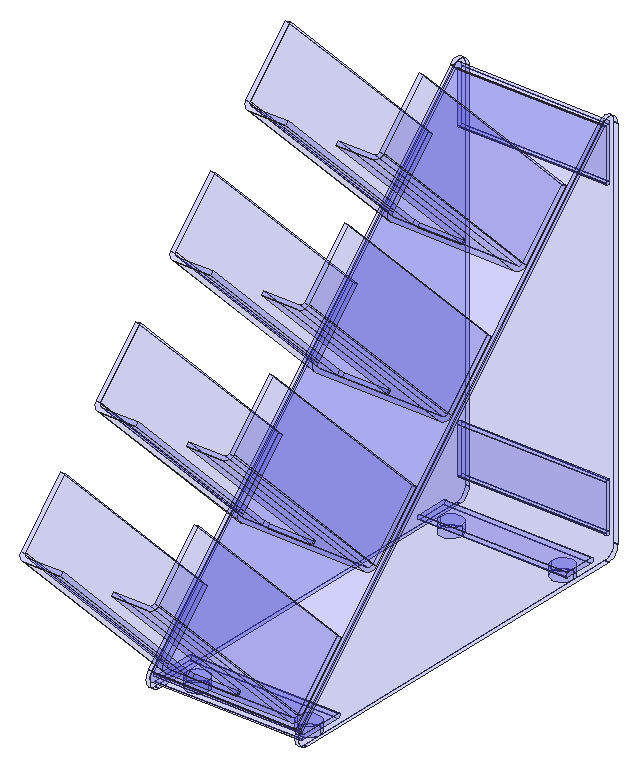
Revit family "QF_Vollrath_CTCL-4B", category Specialty Equipment, Revit 2016
Family settings
  Part Type = Normal
  Round Connector Dimension = Use Diameter
  OmniClass Number = 23.40.40.14.24
  OmniClass Title = Food Dispensing Equipment
  Work Plane-Based = Yes
  Always vertical = Yes
  Cut with Voids When Loaded = No
  Shared = No
  Room Calculation Point = No
Parameters
  Weight in Pounds = 0
  Watermarked By = ""
  URL Cutsheet = ""
  URL = "www.vollrath.com"
  Specification by User [instance] = ""
  Specification by Manufacturer [instance] = ""
  Serial Number [instance] = ""
  Revision Code [instance] = ""
  NAFEM Spec ID Number [instance] = ""
  Model = "CTCL-4B"
  Material = QF_Glass-Cast-Clear
  Masterspec [instance] = ""
  Manufacturer = "Vollrath"
  Item Number [instance] = "-"
  Installed By [instance] = ""
  Furnished By [instance] = ""
  Foodservice Equipment Identifier = yes
  Description = "Lid Organizer"
  Default Elevation = 48.000"
  CSI MasterFormat = ""
Reference planes (in)
  plane 1 "BACK": y = 0
  plane 2 "BOTTOM": z = 0
  plane 3 "LEFT": x = -16.56573
  plane 4 "RIGHT": x = -10.50573
  plane 5 "FRONT": y = -16.4402
  plane 6 "TOP": z = 16.6527
  plane 7 "Triangle Bottom": z = 0.2125
  plane 8: z = 0.4
  plane 9: x = -16.39573
  plane 10: z = 0.275
  plane 11: z = 0.5875
  plane 12: z = 1.04309
  plane 13: z = 3.04309
  plane 14: y = -0.1875
  plane 15: through (-240, -2.09337, 9.45151) normal (0, 0.8192, -0.5736)
  plane 16: y = -0.375
  plane 17: through (-240, 2.69569, 19.08322) normal (0, -0.7071, 0.7071)
  plane 18: through (-240, 2.49486, 18.61723) normal (0, -0.7071, 0.7071)
  plane 19: y = -1.68479
  plane 20: y = -14.24655
  plane 21: y = -2.27854
  plane 22: y = -1.09104
  plane 23: y = -13.6528
  plane 24: z = 15.6527
  plane 25: z = 13.3089
Forms (in)
  Extrusion 1, solid, material "QF_Glass-Cast-Clear" <- "Material"
    sketch origin (0.53647, -3.61051, 0) x (1, 0, 0) y (0, 1, 0)
      loop
        circle (-16.29667, -10.65787) r 0.44
      loop
        circle (-16.28904, 1.9024) r 0.44
      loop
        circle (-11.87587, -10.65828) r 0.44
      loop
        circle (-11.8672, 1.90184) r 0.44
    from 0 to 0.4
  Extrusion 2, solid, material "QF_Glass-Cast-Clear"
    sketch origin (-16.56573, 0, 0) x (0, 1, 0) y (0, 0, 1)
      loop
        arc (0, 15.59648) -> (-0.27008, 16.00068) -> (-0.74686, 15.90584) r 0.4375
        line (-0.74686, 15.90584) -> (-15.69334, 0.95936)
        arc (-15.69334, 0.95936) -> (-15.78818, 0.48258) -> (-15.38398, 0.2125) r 0.4375
        line (-15.38398, 0.2125) -> (-0.4375, 0.2125)
        arc (-0.4375, 0.2125) -> (-0.12814, 0.34064) -> (0, 0.65) r 0.4375
        line (0, 0.65) -> (0, 15.59648)
    from 0 to 0.17
  Extrusion 3, solid, material "QF_Glass-Cast-Clear"
    sketch origin (-16.56573, 0, 0) x (0, 1, 0) y (0, 0, 1)
      loop
        arc (0, 15.59648) -> (-0.27008, 16.00068) -> (-0.74686, 15.90584) r 0.4375
        line (-0.74686, 15.90584) -> (-15.69334, 0.95936)
        arc (-15.69334, 0.95936) -> (-15.78818, 0.48258) -> (-15.38398, 0.2125) r 0.4375
        line (-15.38398, 0.2125) -> (-0.4375, 0.2125)
        arc (-0.4375, 0.2125) -> (-0.12814, 0.34064) -> (0, 0.65) r 0.4375
        line (0, 0.65) -> (0, 15.59648)
    from 0 to 0.17
  Extrusion 4, solid, material "QF_Glass-Cast-Clear"
    sketch origin (-10.67573, 0, 0) x (0, 1, 0) y (0, 0, 1)
      loop
        arc (0, 15.59648) -> (-0.27008, 16.00068) -> (-0.74686, 15.90584) r 0.4375
        line (-0.74686, 15.90584) -> (-15.69334, 0.95936)
        arc (-15.69334, 0.95936) -> (-15.78818, 0.48258) -> (-15.38398, 0.2125) r 0.4375
        line (-15.38398, 0.2125) -> (-0.4375, 0.2125)
        arc (-0.4375, 0.2125) -> (-0.12814, 0.34064) -> (0, 0.65) r 0.4375
        line (0, 0.65) -> (0, 15.59648)
    from 0 to 0.17
  Extrusion 5, solid, material "QF_Glass-Cast-Clear"
    sketch origin (-16.56573, 0, 0) x (0, 1, 0) y (0, 0, 1)
      loop
        line (-0.375, 2.95028) -> (-0.375, 1.12653)
        arc (-0.375, 1.12653) -> (-0.28125, 1.03278) -> (-0.1875, 1.12653) r 0.09375
        line (-0.1875, 1.12653) -> (-0.1875, 2.95028)
        arc (-0.1875, 2.95028) -> (-0.28125, 3.04403) -> (-0.375, 2.95028) r 0.09375
      loop
        line (-1.09104, 0.5875) -> (-2.27854, 0.5875)
        arc (-2.27854, 0.5875) -> (-2.37229, 0.49375) -> (-2.27854, 0.4) r 0.09375
        line (-2.27854, 0.4) -> (-1.09104, 0.4)
        arc (-1.09104, 0.4) -> (-0.99729, 0.49375) -> (-1.09104, 0.5875) r 0.09375
    from 0 to 5.89
  Extrusion 6, solid, material "QF_Glass-Cast-Clear"
    sketch origin (-16.56573, 0, 0) x (0, 1, 0) y (0, 0, 1)
      loop
        line (-0.1875, 13.56615) -> (-0.1875, 15.59648)
        arc (-0.1875, 15.59648) -> (-0.34183, 15.82745) -> (-0.61428, 15.77326) r 0.25
        line (-0.61428, 15.77326) -> (-15.56076, 0.82678)
        arc (-15.56076, 0.82678) -> (-15.61495, 0.55433) -> (-15.38398, 0.4) r 0.25
        line (-15.38398, 0.4) -> (-13.6528, 0.4)
        arc (-13.6528, 0.4) -> (-13.55905, 0.49375) -> (-13.6528, 0.5875) r 0.09375
        line (-13.6528, 0.5875) -> (-15.38398, 0.5875)
        arc (-15.38398, 0.5875) -> (-15.44172, 0.62608) -> (-15.42818, 0.69419) r 0.0625
        line (-15.42818, 0.69419) -> (-0.48169, 15.64068)
        arc (-0.48169, 15.64068) -> (-0.41358, 15.65422) -> (-0.375, 15.59648) r 0.0625
        line (-0.375, 15.59648) -> (-0.375, 13.56615)
        arc (-0.375, 13.56615) -> (-0.28125, 13.4724) -> (-0.1875, 13.56615) r 0.09375
    from 0 to 5.89
Lines and regions (in)
  symbolic lines
    curve 1: line (-16.39573, -0.21875, 16.6527) -> (-10.64573, -0.21875, 16.6527)
    curve 2: line (-16.39573, -0.37343, 16.6527) -> (-10.67573, -0.37343, 16.6527)
    curve 3: line (-16.56573, 0, 16.6527) -> (-16.39573, 0, 16.6527)
    curve 4: line (-16.56573, -15.82148, 16.6527) -> (-16.56573, 0, 16.6527)
    curve 5: line (-16.39573, -15.82148, 16.6527) -> (-16.56573, -15.82148, 16.6527)
    curve 6: line (-16.39573, 0, 16.6527) -> (-16.39573, -15.82148, 16.6527)
    curve 7: line (-10.67573, 0, 16.6527) -> (-10.50573, 0, 16.6527)
    curve 8: line (-10.67573, -15.82148, 16.6527) -> (-10.67573, 0, 16.6527)
    curve 9: line (-10.50573, -15.82148, 16.6527) -> (-10.67573, -15.82148, 16.6527)
    curve 10: line (-10.50573, 0, 16.6527) -> (-10.50573, -15.82148, 16.6527)
Dimensions and locks (in)
  locked: plane 3 "LEFT" to plane 4 "RIGHT" at 6.06
  plane 5 "FRONT" to plane 1 "BACK" = 16.4402"
  Extrusion 1 to level = 0.400"
  locked: plane 7 "Triangle Bottom" to level at 0.2125
  locked: plane 8 to plane 7 "Triangle Bottom" at 0.1875
  locked: plane 3 "LEFT" to plane 9 at 0.17
  plane 6 "TOP" to plane 7 "Triangle Bottom" = 16.4402"
  plane 10 to level = 0.275"
  plane 11 to plane 8 = 0.1875"
  locked: plane 1 "BACK" to plane 14 at 0.1875
  locked: plane 14 to plane 16 at 0.1875
  locked: Extrusion 3 to plane 17 at 0.1875
  locked: plane 17 to plane 18 at 0.1875
  plane 24 to plane 25 = 2.3438"
  aligned and locked: level to plane 2 "BOTTOM"
  aligned and locked: plane 8 to Extrusion 1
  aligned and locked: plane 9 to Extrusion 2
  aligned and locked: Extrusion 6 to Extrusion 4
  aligned and locked: Extrusion 5 to Extrusion 4
  aligned and locked: curve 3 to Extrusion 2
  aligned and locked: curve 4 to Extrusion 2
  aligned and locked: curve 6 to Extrusion 2
  aligned and locked: curve 7 to Extrusion 4
  aligned and locked: curve 8 to Extrusion 4
  aligned and locked: curve 10 to Extrusion 4
Nested families (in)
  nested 1: "CTCL-3B Extension" at (5.7475, -11.77098, 7.69355), type "CTCL-3B Extension"
    with Specification by User "", Specification by Manufacturer "", Serial Number "", Revision Code "", NAFEM Spec ID Number "", Masterspec "", Item Number "-", Installed By "", Furnished By ""
  nested 2: "CTCL-3B Extension" at (5.7475, -15.48573, 3.97858), type "CTCL-3B Extension"
    with Specification by User "", Specification by Manufacturer "", Serial Number "", Revision Code "", NAFEM Spec ID Number "", Masterspec "", Item Number "-", Installed By "", Furnished By ""
  nested 3: "CTCL-3B Extension" at (5.7475, -8.05613, 11.40841), type "CTCL-3B Extension"
    with Specification by User "", Specification by Manufacturer "", Serial Number "", Revision Code "", NAFEM Spec ID Number "", Masterspec "", Item Number "-", Installed By "", Furnished By ""
  nested 4: "CTCL-3B Extension" at (5.7475, -4.34127, 15.12326), type "CTCL-3B Extension"
    with Specification by User "", Specification by Manufacturer "", Serial Number "", Revision Code "", NAFEM Spec ID Number "", Masterspec "", Item Number "-", Installed By "", Furnished By ""
Definition of nested family "CTCL-3B Extension"
  Parameters
    Weight in Pounds = 0
    Watermarked By = ""
    URL Cutsheet = ""
    URL = "www.vollrath.com"
    Specification by User [instance] = ""
    Specification by Manufacturer [instance] = ""
    Serial Number [instance] = ""
    Revision Code [instance] = ""
    NAFEM Spec ID Number [instance] = ""
    Model = "Extension CTCL-3B"
    Material = none
    Masterspec [instance] = ""
    Manufacturer = "Vollrath"
    Item Number [instance] = "-"
    Installed By [instance] = ""
    Furnished By [instance] = ""
    Foodservice Equipment Identifier = yes
    Description = "Extension"
    CSI MasterFormat = ""
  Reference planes (in)
    plane 1 "BACK": y = 0
    plane 2 "BOTTOM": z = 0
    plane 3 "LEFT": x = -16.56573
    plane 4 "RIGHT": x = -18.56573
    plane 5 "FRONT": y = -10
    plane 6: y = -1
    plane 7: x = -18.30523
    plane 8: x = -20.30523
    plane 9: x = -16.38873
    plane 10: x = -18.74273
    plane 11: z = -2.723
    plane 12: z = -2.9
  Forms (in)
    Extrusion 1, solid, material <- "Material"
      sketch origin (-33.13145, 2.17577, -0.90123) x (-1, 0, 0) y (0, -0.707107, -0.707107)
        loop
          line (-16.56573, 0) -> (-16.38873, 0) -> (-16.38873, 2.775)
          arc (-16.38873, 2.775) -> (-16.35211, 2.86339) -> (-16.26373, 2.9) r 0.125
          line (-16.26373, 2.9) -> (-11.38873, 2.9)
          arc (-11.38873, 2.9) -> (-11.30034, 2.86339) -> (-11.26373, 2.775) r 0.125
          line (-11.26373, 2.775) -> (-11.26373, 0) -> (-11.08673, 0) -> (-11.08673, 2.775)
          arc (-11.08673, 2.775) -> (-11.17518, 2.98855) -> (-11.38873, 3.077) r 0.302
          line (-11.38873, 3.077) -> (-16.26373, 3.077)
          arc (-16.26373, 3.077) -> (-16.47727, 2.98855) -> (-16.56573, 2.775) r 0.302
          line (-16.56573, 2.775) -> (-16.56573, 0)
      from 0 to 10
    Extrusion 2, void
      sketch origin (-32.89195, 0.76155, -2.31545) x (0, 0.707107, -0.707107) y (1, 0, 0)
        loop
          arc (-1, 14.46173) -> (-1.03661, 14.55011) -> (-1.125, 14.58673) r 0.125
          line (-1.125, 14.58673) -> (-10, 14.58673) -> (-10, 12.58673) -> (-1.125, 12.58673)
          arc (-1.125, 12.58673) -> (-1.03661, 12.62334) -> (-1, 12.71173) r 0.125
          line (-1, 12.71173) -> (-1, 14.46173)
      from 0.09506 to 1.827
  Cuts and joins
    Extrusion 2 cuts Extrusion 1
  Lines and regions (in)
    symbolic lines
      curve 1: line (-16.56573, 0, 9.875) -> (-22.04473, 0, 9.875)
      curve 2: line (-16.56573, -10, 9.875) -> (-16.56573, 0, 9.875)
      curve 3: line (-22.04473, -10, 9.875) -> (-16.56573, -10, 9.875)
      curve 4: line (-22.04473, 0, 9.875) -> (-22.04473, -10, 9.875)
  Dimensions and locks (in)
    plane 4 "RIGHT" to plane 3 "LEFT" = 2.000"
    locked: plane 5 "FRONT" to plane 1 "BACK" at 10
    locked: plane 6 to plane 1 "BACK" at 1
    locked: plane 7 to plane 3 "LEFT" at 1.7395
    locked: plane 8 to plane 4 "RIGHT" at 1.7395
    locked: plane 3 "LEFT" to plane 9 at 0.177
    locked: plane 10 to plane 4 "RIGHT" at 0.177
    level to plane 11 = 2.723"
    locked: plane 11 to plane 12 at 0.177
    aligned and locked: level to plane 2 "BOTTOM"
    aligned and locked: plane 8 to Extrusion 2
    aligned and locked: Extrusion 2 to plane 7
    aligned and locked: curve 2 to cut or joined group of Extrusion 1, Extrusion 2
    aligned and locked: cut or joined group of Extrusion 1, Extrusion 2 to curve 4
